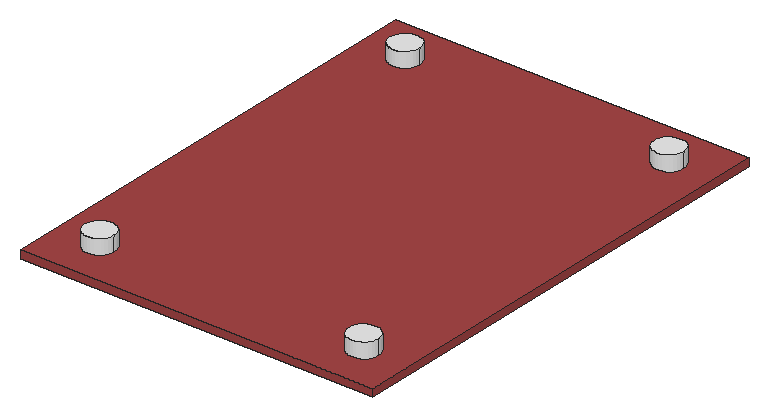
Revit family "Signage-NovaPolymers_Rectangle_Face-Riveted-Frame", category Specialty Equipment, host Face, Revit 2026
Family settings
  Host = Face
  Round Connector Dimension = Use Diameter
  Part Type = Normal
  Classification Number = 23.40.90.11.11
  Enable Cutting in Views = No
  Cut with Voids When Loaded = No
  Maintain Annotation Orientation = No
  Shared = No
  Room Calculation Point = No
Parameters
  Warranty Duration (Years) = 0
  Vertical Burning = "94V-2 in thickness of 0.118 inch (3.0 mm) or greater and 94HB in thicknesses less than 0.118 inch (3.0 mm)"
  Unit Width [instance] = 0' - 6"
  Unit Height [instance] = 0' - 8"
  URL = "http://www.novapolymers.com"
  Specification = "http://www.arcat.com/sd/clients/novapoly.html?coid=43994"
  SpecWizard = "http://www.arcat.com/specwizard/10440npi/index.htm?mf=&coid=43994"
  Send Message = "http://admin.arcat.com/users.pl?action=UserEmail&company=Nova%20Polymers,%20Inc.&coid=43994&rep=121&fax=&mf="
  Sales Information = "http://www.novapolymers.com/contact-us"
  Rivet Offset = 0' - 0 3/4"
  Rivet Depth = 0' - 0 1/4"
  Product Properties = "http://www.arcat.com/bim/bim_info.pl?fn=Signage_NovaPolymers"
  Product Data = "http://www.arcat.com/arcatcos/cos43/arc43994.html"
  Panel Thickness = 0' - 0 1/8"
  Panel Material [instance] = Nova Polymers NovaCryl ECR - Finish as Specified
  Panel Attachment = Attachment : As Specified in Section 10 14 36
  Offset from Face [instance] = 0' - 1"
  Model = "As Specified in 10 14 36"
  Material - Frame Components [instance] = Wood - Maple - Gloss Lacquer
  Manufacturer Website = "http://www.novapolymers.com"
  Manufacturer Phone - Toll Free = "888-484-NOVA (6682)"
  Manufacturer Phone = "973-227-6695"
  Manufacturer Fax = "973-882-0237"
  Manufacturer Address = "8 Evans St.; Suite 201; Fairfield; NJ 07004 \r\n"
  Manufacturer = "Nova Polymers, Inc."
  Maintenance Schedule (Months) = 0
  Keynote = "10 14 36"
  Installation-Fabrication = "http://www.novapolymers.com/technical-support/how-to-manual"
  Installation Phase = ""
  Green Building-LEED = "http://www.arcat.com/green/clients/leed_data_43994.html"
  Frame Thickness = 0' - 0 1/8"
  Frame Overlap = 0' - 0 1/2"
  Frame [instance] = yes
  Finish - Hardware [instance] = Aluminum - Clear Anodized Finish
  Expected Lifespan (Years) = 0
  E84_Surface Burning Characteristics = "Flame spread/smoke developed rating less than 75/120"
  Drawn By = "Robert S. Weygant. CSI, CDT, SCIP"  # constant formula
  Description = "Nova Polymers Signage as Specified in 10 14 36"
  Default Elevation = 3' - 0"
  D635_Rate of Burning = "Classification CC1 at nominal 0.060 inch (1.5 mm) thickness "
  Copyright = "2009, ARCAT, Inc"
  Building Codes = "http://www.novapolymers.com/technical-support/ada"
  Assembly Code = "C1030510"
Reference planes (in)
  plane 1 "Substrate Face": y = -0.29112
  plane 2 "Floor Line": z = 0
  plane 3 "Center (Left/Right)": x = -0.92327
  plane 4: z = 48
  plane 5: x = -3.92327
  plane 6: x = 2.07673
  plane 7: y = 33.55998
  plane 8: y = 25.55998
  plane 9: z = 1
  plane 10: z = 1.125
  plane 11: y = 32.80998
  plane 12: y = 26.30998
  plane 13: x = -3.17327
  plane 14: x = 1.32673
  plane 15: z = 1.375
Forms (in)
  Extrusion 1, solid, material "Nova Polymers NovaCryl ECR - Finish as Specified" <- "Panel Material"
    sketch origin (0, 0, 0) x (1, 0, 0) y (0, 1, 0)
      loop
        line (-3.92327, 33.55998) -> (-3.92327, 25.55998) -> (2.07673, 25.55998) -> (2.07673, 33.55998) -> (-3.92327, 33.55998)
    from 1 to 1.125
  Extrusion 2, solid, material "Aluminum - Clear Anodized Finish" <- "Finish - Hardware"
    sketch origin (0, 0, 0) x (1, 0, 0) y (0, 1, 0)
      loop
        circle (-3.17327, 32.80998) r 0.25
      loop
        circle (1.32673, 32.80998) r 0.25
      loop
        circle (-3.17327, 26.30998) r 0.25
      loop
        circle (1.32673, 26.30998) r 0.25
    from 1.125 to 1.375
Dimensions and locks (in)
  equal spacing: plane 6, plane 3 "Center (Left/Right)", plane 5
  "Unit Width": plane 6 to plane 5
  "Panel Thickness": plane 10 to plane 9
  "Offset from Face": plane 9 to plane 2 "Floor Line"
  "Unit Height": plane 7 to plane 8
  "Rivet Offset": plane 5 to plane 13
  "Rivet Offset": plane 14 to plane 6
  "Rivet Offset": plane 12 to plane 8
  "Rivet Offset": plane 7 to plane 11
  "Rivet Depth": plane 15 to plane 10
  aligned and locked: host face to level
  aligned and locked: plane 1 "Substrate Face" to host face
  aligned and locked: plane 5 to Extrusion 1 sketch curve
  aligned and locked: Extrusion 1 sketch curve to plane 7
  aligned and locked: plane 8 to Extrusion 1 sketch curve
  aligned and locked: Extrusion 1 sketch curve to plane 6
  aligned and locked: Extrusion 1 to plane 9
  aligned and locked: plane 10 to Extrusion 1
  aligned and locked: plane 11 to Extrusion 2 sketch curve  (x2)
  aligned and locked: plane 14 to Extrusion 2 sketch curve  (x2)
  aligned and locked: plane 13 to Extrusion 2 sketch curve  (x2)
  aligned and locked: plane 12 to Extrusion 2 sketch curve  (x2)
  aligned and locked: Extrusion 2 to plane 10
  aligned and locked: plane 15 to Extrusion 2
Automatic sketch dimensions
  host sketch curve to host sketch curve = 1' - 0"
  host sketch curve to host sketch curve = 3' - 9.34712"
  radius of Extrusion 2 sketch curve = 0' - 0 1/4"  (x4)
